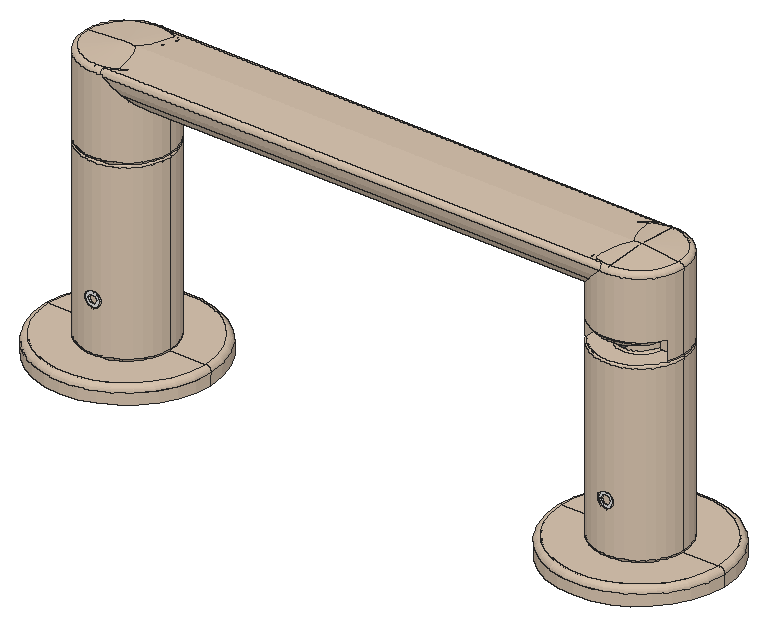
Revit family "Accessory-Tissue_Holder-KALLISTA-Capsule-P34141", category Specialty Equipment, host Face, Revit 2021
Family settings
  Host = Face
  Round Connector Dimension = Use Diameter
  Part Type = Normal
  OmniClass Number = 23.31.25.00
  OmniClass Title = Toilet and Bath Specialties
  Cut with Voids When Loaded = No
  Shared = No
  Room Calculation Point = No
Parameters (values of type "BAF-Brushed French Gold")
  Width = 3 17/64"  # constant formula
  WaterSense Certified = 1 = 0  # no
  URL = "https://www.kallista.com/"
  Type = 3
  Product Page URL = "https://www.kallista.com/products/luxury-bathroom/accessories/toilet-paper-holders/002-toilet-paper-holder-p34141-00/baf-brushed-french-gold"
  Product Name = "Capsule"  # constant formula
  Product Documentation Link = "https://resources.kohler.com/interiors/kallista/pdf/P34141-00_spec_US-CA_Kallista_en.pdf"
  Model = if(Type = 1, "P34141-00-CP", if(Type = 2, "P34141-00-SN", if(Type = 3, "P34141-00-BAF", if(Type = 4, "P34141-00-BL", if(Type = 5, "P34141-00-BN", if(Type = 6, "P34141-00-2MB", "NA"))))))  # "P34141-00-BAF"
  Material = "Premium Metal Construction"  # constant formula
  Master Format 2014 Name = "Toilet, Bath, and Laundry Accessories"  # constant formula
  Master Format 2014 = "10 28 00"  # constant formula
  Manufacturer Address = "444 Highland Dr, Kohler, WI 53044"  # constant formula
  Manufacturer = "Kallista Co."  # constant formula
  Length = 7 253/256"  # constant formula
  Height = 1 31/32"  # constant formula
  Finish = Kallista-Metal-BAF-Brushed_French_Gold
  Environmental Product Declaration = ""
  Description = "Capsule Toilet paper Holder"  # constant formula
  Default Elevation = 42"
  Declare Label = ""
  Date Modified = "12/31/2024"  # constant formula
  Date Created = "08/31/2023"  # constant formula
  Copyright = "Copyright Kallista Co."  # constant formula
  Contact Us = "https://www.kallista.com/corporate/contact-us/"
  Assembly Code = "C1030200"
  ADA Compliant = 1 = 0  # no
Types (7): name | Type | Product Page URL | Model | Finish
  (no name) | 3 | "https://www.kallista.com/products/luxury-bathroom/accessories/toilet-paper-holders/002-toilet-paper-holder-p34141-00/baf-brushed-french-gold" | "P34141-00-BAF" | Kallista-Metal-BAF-Brushed_French_Gold
  CP-Chrome | 1 | "https://www.kallista.com/products/luxury-bathroom/accessories/toilet-paper-holders/002-toilet-paper-holder-p34141-00/cp-chrome" | "P34141-00-CP" | Kallista-Metal-CP-Chrome
  SN-Polished Nickel | 2 | "https://www.kallista.com/products/luxury-bathroom/accessories/toilet-paper-holders/002-toilet-paper-holder-p34141-00/sn-polished-nickel" | "P34141-00-SN" | Kallista-Metal-SN-Polished_Nickel
  BAF-Brushed French Gold | 3 | "https://www.kallista.com/products/luxury-bathroom/accessories/toilet-paper-holders/002-toilet-paper-holder-p34141-00/baf-brushed-french-gold" | "P34141-00-BAF" | Kallista-Metal-BAF-Brushed_French_Gold
  BL-Matte Black | 4 | "https://www.kallista.com/products/luxury-bathroom/accessories/toilet-paper-holders/002-toilet-paper-holder-p34141-00/bl-matte-black" | "P34141-00-BL" | Kalista-Metal-BL-Matte_Black
  BN-Brushed Nickel | 5 | "https://www.kallista.com/products/luxury-bathroom/accessories/toilet-paper-holders/002-toilet-paper-holder-p34141-00/bn-brushed-nickel" | "P34141-00-BN" | Kallista-Metal-BN-Brushed_Nickel
  2MB-Brushed Brass | 6 | "" | "P34141-00-2MB" | Kallista-Metal-2MB-Brushed_Brass
Reference planes (in)
  plane 1 "Center (Front/Back)": y = 0
  plane 2: z = 0
  plane 3 "Center (Left/Right)": x = 0
  plane 4: y = 0.98425
  plane 5: y = -0.9845
  plane 6: x = 3.99409
  plane 7: x = -3.99419
  plane 8: y = 0.50984
  plane 9: y = -0.50984
  plane 10: x = 3.00984
  plane 11: x = 2.02559
  plane 12: x = -3.00984
  plane 13: x = -2.02559
  plane 14: z = 3.26562
  plane 15: z = 3.22982
  plane 16: z = 2.76169
  plane 17: z = 0.19685
  plane 18: x = -3.51969
  plane 19: x = -2.5
  plane 20: x = 2.5
  plane 21: x = 3.51969
Dimensions and locks (in)
  "Height": plane 4 to plane 5
  "Length": plane 7 to plane 6
  plane 12 to plane 10 = 6.01969"
  plane 8 to plane 9 = 1.01969"  (x2)
  plane 18 to plane 19 = 1.01969"
  plane 11 to plane 6 = 1.9685"
  plane 14 to plane 16 = 0.50394"
  plane 7 to plane 6 = 7 253/256"
  plane 14 to level = 3 17/64"
  plane 4 to plane 5 = 1 31/32"
  "Width": level to plane 14
  aligned and locked: plane 2 to host face
  aligned and locked: level to host face
  aligned and locked: plane 6 to nested 1
Automatic sketch dimensions
  host sketch curve to host sketch curve = 96"  (x2)
Nested families (in)
  nested 1: "P34141" at (0, 0, 0), type "P34141"
Definition of nested family "P34141"
  Parameters
    Material = none
    Default Elevation = 0"
  Reference planes (in)
    plane 1 "Center (Front/Back)": y = 0
    plane 2: z = 0
    plane 3 "Center (Left/Right)": x = 0
    plane 4: y = 0.98425
    plane 5: y = -0.98425
    plane 6: x = -3.00984
    plane 7: x = 3.00984
    plane 8: x = -3.99409
    plane 9: x = 3.99409
    plane 10: x = -2.02559
    plane 11: x = 2.02559
    plane 12: y = 0.50984
    plane 13: y = -0.50984
    plane 14: x = -3.51969
    plane 15: x = -2.5
    plane 16: x = 2.5
    plane 17: x = 3.51969
    plane 18: z = 3.26378
    plane 19: z = 0.19685
    plane 20: z = 2.75984
    plane 21: z = 3.22982
  Forms (in)
    Revolve 1, solid, material <- "Material", detail levels medium+fine
      sketch origin (0, 0, 0) x (1, 0, 0) y (0, 0, 1)
        loop
          line (-3.99409, 0) -> (-3.00984, 0) -> (-3.00984, 2.25045) -> (-3.49988, 2.25045)
          arc (-3.49988, 2.25045) -> (-3.51388, 2.24465) -> (-3.51969, 2.23064) r 0.01981
          line (-3.51969, 2.23064) -> (-3.51969, 0.21524)
          arc (-3.51969, 0.21524) -> (-3.51354, 0.20147) -> (-3.4992, 0.19685) r 0.01849
          line (-3.4992, 0.19685) -> (-3.92673, 0.19685)
          arc (-3.92673, 0.19685) -> (-3.97436, 0.17712) -> (-3.99409, 0.12948) r 0.06737
          line (-3.99409, 0.12948) -> (-3.99409, 0)
        axis (-3.00984, 2.25045) -> (-3.00984, 0)
      angle from 0 to 360
    Revolve 2, solid, material <- "Material", detail levels medium+fine
      sketch origin (0, 0, 0) x (1, 0, 0) y (0, 0, 1)
        loop
          line (-3.00984, 3.2645) -> (-3.46466, 3.23104)
          arc (-3.46466, 3.23104) -> (-3.5038, 3.21224) -> (-3.51969, 3.17182) r 0.05938
          line (-3.51969, 3.17182) -> (-3.51969, 2.27724)
          arc (-3.51969, 2.27724) -> (-3.51394, 2.26337) -> (-3.50007, 2.25763) r 0.01961
          line (-3.50007, 2.25763) -> (-3.45324, 2.25763)
          arc (-3.45324, 2.25763) -> (-3.43761, 2.25582) -> (-3.42281, 2.25047) r 0.06821
          line (-3.42281, 2.25047) -> (-3.00984, 2.25047) -> (-3.00984, 3.2645)
        axis (-3.00984, 3.2645) -> (-3.00984, 2.25047)
      angle from 0 to 360
    Extrusion 3, solid, material <- "Material", detail levels medium+fine
      sketch origin (0, 0, 0) x (0, 1, 0) y (0, 0, 1)
        loop
          arc (0.4244, 2.97728) -> (0.47314, 3.06845) -> (0.50251, 3.16757) r 0.51058
          arc (0.50251, 3.16757) -> (0.49397, 3.20606) -> (0.4602, 3.22643) r 0.05004
          arc (0.4602, 3.22643) -> (0.00344, 3.25827) -> (-0.45342, 3.22783) r 3.366
          arc (-0.45342, 3.22783) -> (-0.49079, 3.20529) -> (-0.49996, 3.16263) r 0.05497
          arc (-0.49996, 3.16263) -> (-0.47059, 3.06613) -> (-0.42281, 2.97728) r 0.51058
          arc (-0.42281, 2.97728) -> (0.0008, 2.75174) -> (0.4244, 2.97728) r 0.51058
      from -3.008 to 3.01326
    Revolve 4, solid, material <- "Material", detail levels medium+fine
      sketch origin (0, 0, 0) x (-1, 0, 0) y (0, 0, -1)
        loop
          line (-3.99409, 0) -> (-3.99409, -0.12948)
          arc (-3.99409, -0.12948) -> (-3.97436, -0.17712) -> (-3.92673, -0.19685) r 0.06737
          line (-3.92673, -0.19685) -> (-3.4992, -0.19685)
          arc (-3.4992, -0.19685) -> (-3.51354, -0.20147) -> (-3.51969, -0.21524) r 0.01849
          line (-3.51969, -0.21524) -> (-3.51969, -2.23064)
          arc (-3.51969, -2.23064) -> (-3.51388, -2.24465) -> (-3.49988, -2.25045) r 0.01981
          line (-3.49988, -2.25045) -> (-3.00984, -2.25045) -> (-3.00984, 0) -> (-3.99409, 0)
        axis (-3.00984, -2.25045) -> (-3.00984, 0)
      angle from 0 to 360
    Revolve 5, solid, material <- "Material", detail levels medium+fine
      sketch origin (0, 0, 0) x (-1, 0, 0) y (0, 0, -1)
        loop
          line (-3.00984, -3.2645) -> (-3.00984, -2.25763) -> (-3.50007, -2.25763)
          arc (-3.50007, -2.25763) -> (-3.51394, -2.26337) -> (-3.51969, -2.27724) r 0.01961
          line (-3.51969, -2.27724) -> (-3.51969, -3.17182)
          arc (-3.51969, -3.17182) -> (-3.5038, -3.21224) -> (-3.46466, -3.23104) r 0.05938
          line (-3.46466, -3.23104) -> (-3.00984, -3.2645)
        axis (-3.00984, -3.2645) -> (-3.00984, -2.25763)
      angle from 0 to 360
    Extrusion 6, void
      sketch origin (0, 0, 0) x (0, 1, 0) y (0, 0, 1)
        loop
          line (-0.54248, 2.50197) -> (-0.54248, 2.21692) -> (-0.03487, 2.21692) -> (-0.03487, 2.50197) -> (-0.54248, 2.50197)
      from 2.5855 to 3.48109
    Revolve 7, solid, material <- "Material", detail levels medium+fine
      sketch origin (0, 0, 0) x (1, 0, 0) y (0, 0, 1)
        loop
          line (3.0127, 2.44768) -> (2.80004, 2.44768)
          arc (2.80004, 2.44768) -> (2.77074, 2.43555) -> (2.75861, 2.40625) r 0.04143
          line (2.75861, 2.40625) -> (2.75861, 2.27682)
          arc (2.75861, 2.27682) -> (2.74815, 2.24963) -> (2.72216, 2.23645) r 0.04058
          line (2.72216, 2.23645) -> (3.0127, 2.23645) -> (3.0127, 2.44768)
        axis (3.0127, 2.44768) -> (3.0127, 2.23645)
      angle from 0 to 360
    Extrusion 8, void
      sketch origin (0, 0, 0) x (1, 0, 0) y (0, 0, 1)
        loop
          circle (3.01356, 2.33583) r 0.04992
      from 0.19458 to 0.31142
    Revolve 9, solid, material <- "Material", detail levels medium+fine
      sketch origin (3.0208, 0, 0) x (0, 1, 0) y (0, 0, 1)
        loop
          line (-0.47164, 2.45502) -> (-0.08681, 2.45502) -> (-0.08681, 2.5112) -> (-0.4914, 2.5112) -> (-0.4914, 2.47477)
          arc (-0.4914, 2.47477) -> (-0.48561, 2.4608) -> (-0.47164, 2.45502) r 0.01976
        axis (-0.08681, 2.45502) -> (-0.08681, 2.5112)
      angle from 0 to 360
    Extrusion 10, solid, detail levels medium+fine
      sketch origin (0, 0, 0) x (1, 0, 0) y (0, 0, 1)
        loop
          line (-2.97662, 0.83661) -> (-3.03344, 0.83661) -> (-3.06185, 0.7874) -> (-3.03344, 0.73819) -> (-2.97662, 0.73819) -> (-2.9482, 0.7874) -> (-2.97662, 0.83661)
        loop
          arc (-2.92629, 0.7874) -> (-2.94935, 0.84308) -> (-3.00503, 0.86614) r 0.07874
          arc (-3.00503, 0.86614) -> (-3.06071, 0.84308) -> (-3.08377, 0.7874) r 0.07874
          arc (-3.08377, 0.7874) -> (-3.06071, 0.73172) -> (-3.00503, 0.70866) r 0.07874
          arc (-3.00503, 0.70866) -> (-2.94935, 0.73172) -> (-2.92629, 0.7874) r 0.07874
      from 0.39404 to 0.50919
    Blend 11, void
      base sketch origin (0, 0, 0) x (1, 0, 0) y (0, 0, 1)
        loop
          circle (-3.00503, 0.7874) r 0.10372
      top sketch origin (0, 0, 0) x (1, 0, 0) y (0, 0, 1)
        loop
          circle (-3.00503, 0.7874) r 0.08287
      from 0.48781 to 0.52805
    Extrusion 12, solid, detail levels medium+fine
      sketch origin (0, 0, 0) x (-1, 0, 0) y (0, 0, -1)
        loop
          line (-2.97662, -0.83661) -> (-2.9482, -0.7874) -> (-2.97662, -0.73819) -> (-3.03344, -0.73819) -> (-3.06185, -0.7874) -> (-3.03344, -0.83661) -> (-2.97662, -0.83661)
        loop
          arc (-2.92629, -0.7874) -> (-2.94935, -0.73172) -> (-3.00503, -0.70866) r 0.07874
          arc (-3.00503, -0.70866) -> (-3.06071, -0.73172) -> (-3.08377, -0.7874) r 0.07874
          arc (-3.08377, -0.7874) -> (-3.06071, -0.84308) -> (-3.00503, -0.86614) r 0.07874
          arc (-3.00503, -0.86614) -> (-2.94935, -0.84308) -> (-2.92629, -0.7874) r 0.07874
      from 0.39404 to 0.50042
    Blend 13, void
      base sketch origin (0, 0, 0) x (-1, 0, 0) y (0, 0, -1)
        loop
          circle (-3.00503, -0.7874) r 0.10372
      top sketch origin (0, 0, 0) x (-1, 0, 0) y (0, 0, -1)
        loop
          circle (-3.00503, -0.7874) r 0.08287
      from 0.48781 to 0.52805
    Extrusion 14, solid, material <- "Material", detail levels coarse
      sketch origin (0, 0, 0) x (1, 0, 0) y (0, 1, 0)
        loop
          arc (-3.01859, 0.50984) -> (-3.52843, 0) -> (-3.01859, -0.50984) r 0.50984
          line (-3.01859, -0.50984) -> (3.01444, -0.50984)
          arc (3.01444, -0.50984) -> (3.52428, 0) -> (3.01444, 0.50984) r 0.50984
          line (3.01444, 0.50984) -> (-3.01859, 0.50984)
      from 2.76969 to 3.26274
    Revolve 15, solid, material <- "Material", detail levels coarse
      sketch origin (0, 0, 0) x (1, 0, 0) y (0, 0, 1)
        loop
          line (-3.00984, 2.77854) -> (-3.51969, 2.77854) -> (-3.51969, 0.19685) -> (-3.99409, 0.19685) -> (-3.99409, 0) -> (-3.00984, 0) -> (-3.00984, 2.77854)
        axis (-3.00984, 0) -> (-3.00984, 2.77854)
      angle from 0 to 360
    Revolve 16, solid, material <- "Material", detail levels coarse
      sketch origin (0, 0, 0) x (-1, 0, 0) y (0, 0, -1)
        loop
          line (-3.00984, -2.77826) -> (-3.00984, 0) -> (-3.99409, 0) -> (-3.99409, -0.19685) -> (-3.51969, -0.19685) -> (-3.51969, -2.77826) -> (-3.00984, -2.77826)
        axis (-3.00984, 0) -> (-3.00984, -2.77826)
      angle from 0 to 360
    Extrusion 17, solid, detail levels coarse
      sketch origin (0, 0, 0) x (1, 0, 0) y (0, 0, 1)
        loop
          circle (-2.99665, 0.7895) r 0.10446
      from 0.48004 to 0.51157
    Extrusion 18, solid, detail levels coarse
      sketch origin (0, 0, 0) x (-1, 0, 0) y (0, 0, -1)
        loop
          circle (-2.99665, -0.7895) r 0.10446
      from 0.48004 to 0.51157
    Extrusion 19, solid, detail levels medium+fine
      sketch origin (0, 0, 0) x (1, 0, 0) y (0, 0, 1)
        loop
          circle (3.01356, 2.33583) r 0.04598
      from 0.23175 to 0.26182
    Extrusion 20, void
      sketch origin (0, 0, 0) x (0, 1, 0) y (0, 0, 1)
        loop
          line (-0.52115, 2.5313) -> (-0.52115, 2.25499) -> (-0.3243, 2.25499) -> (-0.3243, 2.5313) -> (-0.52115, 2.5313)
      from 2.41397 to 3.54474
    Extrusion 21, solid, detail levels coarse
      sketch origin (0, 0, 0) x (1, 0, 0) y (0, 0, 1)
        loop
          circle (2.98749, 2.38285) r 0.04593
      from 0.30974 to 0.34463
  Cuts and joins
    Extrusion 6 cuts Revolve 5
    Extrusion 8 cuts Revolve 7
    Blend 11, Blend 13 cuts Revolve 1
    Blend 13 cuts Extrusion 10
    joined: Extrusion 10, Extrusion 12
    Blend 13 cuts Revolve 4
    Extrusion 20 cuts Revolve 16
    joined: Revolve 15, Revolve 16
  Lines and regions (in)
    Masking region 1
      outline origin (0, 0, 0) x (1, 0, 0) y (0, 1, 0)
        loop
          arc (-2.16793, 0.50984) -> (-3.99409, 0) -> (-2.16793, -0.50984) r 0.98425
          line (-2.16793, -0.50984) -> (2.16512, -0.50984)
          arc (2.16512, -0.50984) -> (3.9965, 0) -> (2.16512, 0.50984) r 0.98666
          line (2.16512, 0.50984) -> (-2.16793, 0.50984)
    Masking region 2
      outline origin (0, 0, 0) x (1, 0, 0) y (0, 0, 1)
        loop
          line (3.51969, 0.21776) -> (3.51969, 2.2182)
          arc (3.51969, 2.2182) -> (3.51369, 2.23267) -> (3.49922, 2.23866) r 0.02046
          line (3.49922, 2.23866) -> (3.30334, 2.23866)
          arc (3.30334, 2.23866) -> (3.28451, 2.24397) -> (3.27122, 2.25834) r 0.03606
          line (3.27122, 2.25834) -> (3.4991, 2.25834)
          arc (3.4991, 2.25834) -> (3.51365, 2.26437) -> (3.51969, 2.27893) r 0.02059
          line (3.51969, 2.27893) -> (3.51969, 3.19697)
          arc (3.51969, 3.19697) -> (3.5112, 3.21894) -> (3.49014, 3.2295) r 0.03268
          arc (3.49014, 3.2295) -> (3.13454, 3.25521) -> (2.77811, 3.26378) r 7.41262
          line (2.77811, 3.26378) -> (-2.70296, 3.26378)
          arc (-2.70296, 3.26378) -> (-3.09001, 3.25538) -> (-3.47633, 3.2302) r 8.92179
          arc (-3.47633, 3.2302) -> (-3.50721, 3.21499) -> (-3.51969, 3.18291) r 0.04746
          line (-3.51969, 3.18291) -> (-3.51969, 2.27893)
          arc (-3.51969, 2.27893) -> (-3.51365, 2.26437) -> (-3.4991, 2.25834) r 0.02059
          line (-3.4991, 2.25834) -> (-3.27122, 2.25834)
          arc (-3.27122, 2.25834) -> (-3.28451, 2.24397) -> (-3.30334, 2.23866) r 0.03606
          line (-3.30334, 2.23866) -> (-3.49922, 2.23866)
          arc (-3.49922, 2.23866) -> (-3.51369, 2.23267) -> (-3.51969, 2.2182) r 0.02046
          line (-3.51969, 2.2182) -> (-3.51969, 0.21776)
          arc (-3.51969, 0.21776) -> (-3.51421, 0.20362) -> (-3.50064, 0.19685) r 0.021
          line (-3.50064, 0.19685) -> (-3.94201, 0.19685)
          arc (-3.94201, 0.19685) -> (-3.97884, 0.18159) -> (-3.99409, 0.14477) r 0.05209
          line (-3.99409, 0.14477) -> (-3.99409, 0) -> (-2.02559, 0) -> (-2.02559, 0.13422)
          arc (-2.02559, 0.13422) -> (-2.04393, 0.17851) -> (-2.08822, 0.19685) r 0.06263
          line (-2.08822, 0.19685) -> (-2.51904, 0.19685)
          arc (-2.51904, 0.19685) -> (-2.50547, 0.20362) -> (-2.5, 0.21776) r 0.021
          line (-2.5, 0.21776) -> (-2.5, 2.2182)
          arc (-2.5, 2.2182) -> (-2.50599, 2.23267) -> (-2.52046, 2.23866) r 0.02046
          line (-2.52046, 2.23866) -> (-2.71634, 2.23866)
          arc (-2.71634, 2.23866) -> (-2.73518, 2.24397) -> (-2.74847, 2.25834) r 0.03606
          line (-2.74847, 2.25834) -> (-2.52059, 2.25834)
          arc (-2.52059, 2.25834) -> (-2.50603, 2.26437) -> (-2.5, 2.27893) r 0.02059
          line (-2.5, 2.27893) -> (-2.5, 2.41373)
          arc (-2.5, 2.41373) -> (-2.39863, 2.65847) -> (-2.15388, 2.75984) r 0.34612
          line (-2.15388, 2.75984) -> (2.17707, 2.75984)
          arc (2.17707, 2.75984) -> (2.40542, 2.66526) -> (2.5, 2.43692) r 0.32293
          line (2.5, 2.43692) -> (2.5, 2.27893)
          arc (2.5, 2.27893) -> (2.50603, 2.26437) -> (2.52059, 2.25834) r 0.02059
          line (2.52059, 2.25834) -> (2.74847, 2.25834)
          arc (2.74847, 2.25834) -> (2.73518, 2.24397) -> (2.71634, 2.23866) r 0.03606
          line (2.71634, 2.23866) -> (2.52046, 2.23866)
          arc (2.52046, 2.23866) -> (2.50599, 2.23267) -> (2.5, 2.2182) r 0.02046
          line (2.5, 2.2182) -> (2.5, 0.21776)
          arc (2.5, 0.21776) -> (2.50547, 0.20362) -> (2.51904, 0.19685) r 0.021
          line (2.51904, 0.19685) -> (2.08822, 0.19685)
          arc (2.08822, 0.19685) -> (2.04393, 0.17851) -> (2.02559, 0.13422) r 0.06263
          line (2.02559, 0.13422) -> (2.02559, 0) -> (3.99409, 0) -> (3.99409, 0.14477)
          arc (3.99409, 0.14477) -> (3.97884, 0.18159) -> (3.94201, 0.19685) r 0.05209
          line (3.94201, 0.19685) -> (3.50064, 0.19685)
          arc (3.50064, 0.19685) -> (3.51421, 0.20362) -> (3.51969, 0.21776) r 0.021
    Masking region 3
      outline origin (0, 0, 0) x (0, 1, 0) y (0, 0, 1)
        loop
          line (0.98425, 0) -> (0.98425, 0.14088)
          arc (0.98425, 0.14088) -> (0.96786, 0.18046) -> (0.92829, 0.19685) r 0.05597
          line (0.92829, 0.19685) -> (0.49005, 0.19685)
          arc (0.49005, 0.19685) -> (0.50423, 0.20494) -> (0.50984, 0.22027) r 0.02375
          line (0.50984, 0.22027) -> (0.50984, 2.22781)
          arc (0.50984, 2.22781) -> (0.50338, 2.24342) -> (0.48777, 2.24988) r 0.02207
          line (0.48777, 2.24988) -> (0.41801, 2.24988)
          arc (0.41801, 2.24988) -> (0.43265, 2.25552) -> (0.44822, 2.25744) r 0.0642
          line (0.44822, 2.25744) -> (0.48943, 2.25744)
          arc (0.48943, 2.25744) -> (0.50386, 2.26342) -> (0.50984, 2.27785) r 0.02042
          line (0.50984, 2.27785) -> (0.50984, 3.19073)
          arc (0.50984, 3.19073) -> (0.49868, 3.22006) -> (0.47085, 3.23454) r 0.04411
          arc (0.47085, 3.23454) -> (0.32164, 3.24943) -> (0.17202, 3.25931) r 4.48182
          arc (0.17202, 3.25931) -> (-0.01172, 3.26383) -> (-0.19547, 3.25931) r 3.73402
          arc (-0.19547, 3.25931) -> (-0.33321, 3.24997) -> (-0.47052, 3.23554) r 3.73402
          arc (-0.47052, 3.23554) -> (-0.4986, 3.22074) -> (-0.50984, 3.19105) r 0.04483
          line (-0.50984, 3.19105) -> (-0.50984, 2.27785)
          arc (-0.50984, 2.27785) -> (-0.50386, 2.26342) -> (-0.48943, 2.25744) r 0.02042
          line (-0.48943, 2.25744) -> (-0.44822, 2.25744)
          arc (-0.44822, 2.25744) -> (-0.43265, 2.25552) -> (-0.41801, 2.24988) r 0.0642
          line (-0.41801, 2.24988) -> (-0.48777, 2.24988)
          arc (-0.48777, 2.24988) -> (-0.50338, 2.24342) -> (-0.50984, 2.22781) r 0.02207
          line (-0.50984, 2.22781) -> (-0.50984, 0.22027)
          arc (-0.50984, 0.22027) -> (-0.50423, 0.20494) -> (-0.49005, 0.19685) r 0.02375
          line (-0.49005, 0.19685) -> (-0.92565, 0.19685)
          arc (-0.92565, 0.19685) -> (-0.96709, 0.17969) -> (-0.98425, 0.13825) r 0.0586
          line (-0.98425, 0.13825) -> (-0.98425, 0) -> (0.98425, 0)
    symbolic lines, detail levels medium+fine
      curve 1: arc (-2.24309, 0.50984, 0) -> (-3.93063, 0, 0) -> (-2.24309, -0.50984, 0) r 0.92078
      curve 2: line (-2.24309, 0.50984, 0) -> (-3.00191, 0.50984, 0)
      curve 3: line (-2.24309, -0.50984, 0) -> (-3.00191, -0.50984, 0)
      curve 4: arc (-3.00191, 0.50984, 0) -> (-3.51175, 0, 0) -> (-3.00191, -0.50984, 0) r 0.50984
      curve 5: arc (2.24309, 0.50984, 0) -> (3.93063, 0, 0) -> (2.24309, -0.50984, 0) r 0.92078
      curve 6: line (2.24309, 0.50984, 0) -> (3.01519, 0.50984, 0)
      curve 7: line (2.24309, -0.50984, 0) -> (3.01519, -0.50984, 0)
      curve 8: arc (3.01519, 0.50984, 0) -> (3.52503, 0, 0) -> (3.01519, -0.50984, 0) r 0.50984
      curve 9: arc (-3.00191, 0.47835, 0) -> (-3.48026, 0, 0) -> (-3.00191, -0.47835, 0) r 0.47835
      curve 10: line (-2.22306, 0.47835, 0) -> (-3.00191, 0.47835, 0)
      curve 11: line (-2.16793, -0.47835, 0) -> (-3.00191, -0.47835, 0)
      curve 12: line (2.22306, -0.47835, 0) -> (-2.16793, -0.47835, 0)
      curve 13: line (2.22306, 0.47835, 0) -> (-2.22306, 0.47835, 0)
      curve 14: arc (3.01519, 0.47835, 0) -> (3.49354, 0, 0) -> (3.01519, -0.47835, 0) r 0.47835
      curve 15: line (2.22306, 0.47835, 0) -> (3.01519, 0.47835, 0)
      curve 16: line (2.22306, -0.47835, 0) -> (3.01519, -0.47835, 0)
      curve 17: line (-2.24309, 0.50984, 0) -> (-1.45569, 0.50984, 0)
      curve 18: line (-2.24309, -0.50984, 0) -> (-1.90388, -0.50984, 0)
      curve 19: line (2.24309, 0.50984, 0) -> (1.84939, 0.50984, 0)
      curve 20: line (2.24309, -0.50984, 0) -> (1.97919, -0.50984, 0)
      curve 21: line (3.99409, 0, 0.14477) -> (2.02559, 0, 0.14477)
      curve 22: line (3.50064, 0, 0.19685) -> (2.51904, 0, 0.19685)
      curve 23: line (3.51969, 0, 0.21776) -> (2.5, 0, 0.21776)
      curve 24: line (3.51969, 0, 2.27893) -> (2.5, 0, 2.27893)
      curve 25: line (3.51969, 0, 2.2182) -> (2.5, 0, 2.2182)
      curve 26: line (3.27122, 0, 2.25834) -> (2.74847, 0, 2.25834)
      curve 27: line (3.30334, 0, 2.23867) -> (2.71634, 0, 2.23867)
      curve 28: line (-3.51969, 0, 3.18291) -> (3.51969, 0, 3.18291)
      curve 29: line (3.49014, 0, 3.2295) -> (-3.47952, 0, 3.2295)
      curve 30: line (-2.5, 0, 2.27893) -> (-3.51969, 0, 2.27893)
      curve 31: line (-2.71634, 0, 2.23867) -> (-3.30334, 0, 2.23867)
      curve 32: line (-2.74847, 0, 2.25834) -> (-3.27122, 0, 2.25834)
      curve 33: line (-2.51904, 0, 0.19685) -> (-3.50064, 0, 0.19685)
      curve 34: line (-2.02559, 0, 0.13423) -> (-3.99409, 0, 0.13423)
      curve 35: line (-2.5, 0, 0.21776) -> (-3.51969, 0, 0.21776)
      curve 36: line (0, 0.49005, 0.19685) -> (0, -0.49005, 0.19685)
      curve 37: line (0, 0.98425, 0.14088) -> (0, -0.98425, 0.14088)
      curve 38: line (0, 0.50984, 0.22027) -> (0, -0.50984, 0.22027)
      curve 39: line (0, 0.41801, 2.24988) -> (0, -0.41801, 2.24988)
      curve 40: line (0, 0.50984, 2.22781) -> (0, -0.50984, 2.22781)
      curve 41: line (0, 0.50984, 2.27785) -> (0, -0.50984, 2.27785)
      curve 42: line (0, 0.44822, 2.25744) -> (0, -0.44822, 2.25744)
      curve 43: line (0, 0.50984, 3.19073) -> (0, -0.509, 3.19073)
      curve 44: line (0, 0.47085, 3.23454) -> (0, -0.47364, 3.23454)
  Dimensions and locks (in)
    plane 18 to plane 2 = 3.26378"
    plane 20 to plane 2 = 2.75984"
    plane 18 to plane 20 = 0.50394"
    plane 8 to plane 9 = 7.98819"
    plane 6 to plane 7 = 6.01969"  (x2)
    plane 8 to plane 10 = 1.9685"
    plane 11 to plane 9 = 1.9685"
    plane 5 to plane 4 = 1.9685"
    plane 9 to plane 8 = 7.98819"
    level to plane 18 = 3.26378"
    plane 7 to plane 6 = 6.01969"
    plane 9 to plane 11 = 1.9685"
    level to plane 19 = 0.19685"
    plane 20 to plane 18 = 0.50394"
    plane 4 to plane 5 = 1.9685"
    plane 12 to plane 13 = 1.01969"
    plane 19 to level = 0.19685"
    plane 18 to level = 3.26378"
    aligned and locked: plane 2 to level
